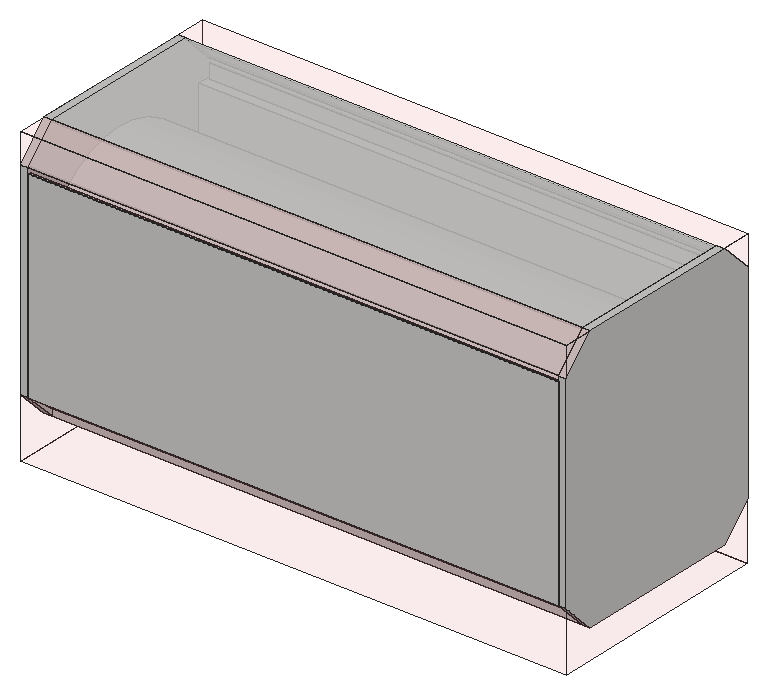
Revit family "Air-Curtain_Customer-Entry_PoweredAire_CED", category Mechanical Equipment, host Face, Revit 2016
Family settings
  Host = Face
  Part Type = Normal
  Round Connector Dimension = Use Diameter
  OmniClass Number = 23.75.35.17.21
  OmniClass Title = Air Curtains
  Cut with Voids When Loaded = No
  Shared = No
  Room Calculation Point = No
Parameters
  Warranty Duration (Years) = 0
  Unit Width Notes = "Other Widths available."  # constant formula
  Unit Width = 3' - 0"
  Unit Weight = 0
  Unit Height = 1' - 3"
  Unit Depth = 1' - 5 1/2"
  URL = "http://www.poweredaire.com/"
  Test Data = ""
  Temperature Rise_Range = "as Specified"
  Standards Conformance = "as Specified"
  Specification = "http://www.arcat.com/sdspecs/htm04/23_34_33pai.htm"
  SpecWizard = ""
  Sound Pressure = "as Specified"
  Sales Information = "http://www.poweredaire.com/contact_us"
  Revision = "R1_2016-08"
  Projection from Host [instance] = 0' - 2"
  Product Properties = ""
  Product Data = "http://www.arcat.com/arcatcos/cos47/arc47623.html"
  Power Rating = 0 W
  Outlet Volume_Range = "as Specified"
  Outlet Velocity_Range = "as Specified"
  Nozzle Width = if(1 = 1, Unit Width - 0' 1", 0' 0")  # 2' - 11"
  Mounting Width = if(1 = 1, Unit Width - 0' 0 15/16", 0' 0")  # 2' - 11 1/16"
  Mounting Height [instance] = 3' - 6"
  Motor RPM = 0
  Motor HP = 0
  Motor Count = 0
  Model = "As Specified"
  Max Height = 0' - 0"
  Manufacturer Website = "http://www.poweredaire.com/"
  Manufacturer Phone - Toll Free = "888-321-2473"
  Manufacturer Phone = "724-588-3305"
  Manufacturer Fax = "724-588-3371"
  Manufacturer Address = "109 Mortensen Rd.  Greenville, PA 16125"
  Manufacturer = "Powered Aire, Inc"
  Maintenance Schedule (Months) = 0
  Keynote = "23 34 33"
  Installation-Fabrication = ""
  Installation Phase = ""
  Include Clearance [instance] = yes
  Heating Element Load = 0 W
  HVAC_Temperature Rise [instance] = 0 °F
  HVAC_Outlet Volume [instance] = 0 CFM
  HVAC_Outlet Velocity Uniformity = 0
  HVAC_Outlet Velocity [instance] = 0 FPM
  Green Building-LEED = "http://www.arcat.com/green/clients/leed_data_47623.html"
  Front Grating Material [instance] = Metal - Steel - PoweredAire - Stainless 304 Perforated
  Frame Finish [instance] = Metal - Steel - PoweredAire - Stainless 304
  Expected Lifespan (Years) = 0
  Electrical_Wattage [instance] = Power Rating + Heating Element Load  # 0 W
  Electrical_Voltage [instance] = 0 V
  Electrical_Phase [instance] = 1
  Electrical_Frequency [instance] = 0 Hz
  Electrical_Amperage [instance] = 0 A
  Drawn By = "Sumex Design, Inc. / Robert S. Weygant, CSI, CDT, SCIP"
  Description = "Powered Aire Air Curtain as Specified"
  Default Elevation = 0' - 0"  # constant formula
  Copyright = "©Arcat Inc."
  Construction Details = "http://www.arcat.com/details/powair/prod3336.html"
  Clearance_Top [instance] = 0' - 0"
  Clearance_Side B [instance] = 0' - 0"
  Clearance_Side A [instance] = 0' - 0"
  Clearance_Intake [instance] = 0' - 0"
  Clearance_Bottom [instance] = 0' - 0"
  Clearance Material [instance] = ARCAT Clearance
  Building Codes = ""
  Available Options [instance] = "as Specified"
  Assembly Code = "D3090400"
Reference planes (in)
  plane 1 "Center (Elevation)": y = 0.13818
  plane 2: z = 0
  plane 3 "Center (Left/Right)": x = 0
  plane 4: y = 7.63818
  plane 5: y = -7.36182
  plane 6: x = -18
  plane 7: x = 18
  plane 8: z = 19.5
  plane 9 "FF": y = -41.86182
  plane 10: z = 2
  plane 11: x = 17.5
  plane 12: x = -17.5
  plane 13: y = 7.63818
  plane 14: y = -7.36182
  plane 15: x = -18
  plane 16: x = 18
  plane 17: z = 19.5
Forms (in)
  Extrusion 1, solid, material "Metal - Steel - PoweredAire - Stainless 304" <- "Frame Finish"
    sketch origin (0, 0, 0) x (0, 1, 0) y (0, 0, 1)
      loop
        line (5.69363, 2) -> (7.63818, 3.94454) -> (7.63818, 17.55546) -> (5.69363, 19.5) -> (-5.41728, 19.5) -> (-7.36182, 17.55546) -> (-7.36182, 3.94454) -> (-5.41728, 2) -> (5.69363, 2)
    from 17.5 to 18
  Extrusion 2, solid, material "Metal - Steel - PoweredAire - Stainless 304" <- "Frame Finish"
    sketch origin (0, 0, -0.5) x (0, 1, 0) y (0, 0, 1)
      loop
        circle (0.13818, 10.9739) r 6.25
      loop
        line (6.63818, 16.89427) -> (6.63818, 5.87829) -> (7.33849, 5.87829) -> (7.33849, 16.89427) -> (6.63818, 16.89427)
      loop
        line (-7.02798, 16.76927) -> (-7.02798, 5.75329) -> (-6.36182, 5.75329) -> (-6.36182, 16.76927) -> (-7.02798, 16.76927)
    from -17.5 to 17.5
  Extrusion 3, solid, material "Metal - Steel - PoweredAire - Stainless 304" <- "Frame Finish"
    sketch origin (0, 0, 0) x (0, 1, 0) y (0, 0, -1)
      loop
        line (5.69363, -2) -> (-5.41728, -2) -> (-7.36182, -3.94454) -> (-7.36182, -17.55546) -> (-5.41728, -19.5) -> (5.69363, -19.5) -> (7.63818, -17.55546) -> (7.63818, -3.94454) -> (5.69363, -2)
    from 17.5 to 18
  Extrusion 4, solid, material "Metal - Steel - PoweredAire - Stainless 304" <- "Frame Finish"
    sketch origin (0, 0, 0) x (0, 1, 0) y (0, 0, 1)
      loop
        line (-5.41728, 2) -> (5.69363, 2) -> (7.63818, 3.94454) -> (7.63818, 17.19454) -> (7.51318, 17.19454) -> (7.51318, 3.99632) -> (5.64186, 2.125) -> (-5.29228, 2.125) -> (-5.29228, 4.06954) -> (-7.23682, 4.06954) -> (-7.23682, 17.19454) -> (-7.36182, 17.19454) -> (-7.36182, 3.94454) -> (-5.41728, 3.94454) -> (-5.41728, 2)
      loop
        line (-6.64819, 3.61034) -> (-5.8702, 2.83235) -> (-5.74472, 2.95783) -> (-6.52271, 3.73583) -> (-6.64819, 3.61034)
    from -17.5 to 17.5
  Extrusion 5, solid, material "Metal - Steel - PoweredAire - Stainless 304 Perforated" <- "Front Grating Material"
    sketch origin (0, 0, 0) x (0, 1, 0) y (0, 0, 1)
      loop
        line (-7.36182, 17.19454) -> (-7.23682, 17.19454) -> (-7.23682, 17.50368) -> (-5.3655, 19.375) -> (5.64186, 19.375) -> (7.51318, 17.50368) -> (7.51318, 17.19454) -> (7.63818, 17.19454) -> (7.63818, 17.55546) -> (5.69363, 19.5) -> (-5.41728, 19.5) -> (-7.36182, 17.55546) -> (-7.36182, 17.19454)
    from -17.5 to 17.5
  Extrusion 6, solid, material "ARCAT Clearance" <- "Clearance Material", visible <- "Include Clearance"
    sketch origin (0, 0, 0) x (0, 1, 0) y (0, 0, 1)
      loop
        line (-7.36182, 19.5) -> (-7.36182, 0) -> (7.63818, 0) -> (7.63818, 19.5) -> (-7.36182, 19.5)
    from -18 to 18
Dimensions and locks (in)
  equal spacing: plane 4, plane 1 "Center (Elevation)", plane 5
  "Unit Height": plane 4 to plane 5
  equal spacing: plane 6, plane 3 "Center (Left/Right)", plane 7
  "Unit Width": plane 6 to plane 7
  "Mounting Height": plane 1 "Center (Elevation)" to plane 9 "FF"
  "Projection from Host": plane 10 to level
  "Unit Depth": plane 8 to plane 10
  locked: plane 6 to plane 12 at 0.5
  locked: plane 11 to plane 7 at 0.5
  "Clearance_Side A": plane 7 to plane 16
  "Clearance_Side B": plane 15 to plane 6
  "Clearance_Top": plane 13 to plane 4
  "Clearance_Bottom": plane 5 to plane 14
  "Clearance_Intake": plane 17 to plane 8
  aligned and locked: plane 2 to host face
  aligned and locked: level to host face
  aligned and locked: plane 7 to Extrusion 1
  aligned and locked: Extrusion 1 to plane 11
  aligned and locked: plane 12 to Extrusion 3
  aligned and locked: Extrusion 3 to plane 6
  aligned and locked: Extrusion 2 to plane 12
  aligned and locked: plane 11 to Extrusion 2
  aligned and locked: plane 11 to Extrusion 4
  aligned and locked: Extrusion 4 to plane 12
  aligned and locked: plane 11 to Extrusion 5
  aligned and locked: Extrusion 5 to plane 12
  aligned and locked: Extrusion 6 sketch curve to plane 17
  aligned and locked: plane 14 to Extrusion 6 sketch curve
  aligned and locked: level to Extrusion 6 sketch curve
  aligned and locked: Extrusion 6 sketch curve to plane 13
  aligned and locked: plane 16 to Extrusion 6
  aligned and locked: Extrusion 6 to plane 15
Automatic sketch dimensions
  host sketch curve to host sketch curve = 8' - 0"  (x2)
  Extrusion 1 sketch curve to plane 5 = 0' - 0"
  Extrusion 1 sketch curve to plane 8 = 0' - 0"
  Extrusion 1 sketch curve to plane 10 = 0' - 0"
  Extrusion 1 sketch curve to plane 4 = 0' - 0"
  plane 5 to Extrusion 1 sketch curve = 0' - 1.94454"  (x2)
  Extrusion 1 sketch curve to plane 4 = 0' - 1.94454"  (x2)
  plane 10 to Extrusion 1 sketch curve = 0' - 1.94454"  (x2)
  Extrusion 1 sketch curve to plane 8 = 0' - 1.94454"  (x2)
  Extrusion 2 sketch curve to plane 1 "Center (Elevation)" = 0' - 0"
  plane 5 to Extrusion 2 sketch curve = 0' - 1"
  plane 5 to Extrusion 2 sketch curve = 0' - 0.33384"
  Extrusion 2 sketch curve to plane 4 = 0' - 1"
  Extrusion 2 sketch curve to plane 4 = 0' - 0.29969"
  plane 10 to Extrusion 2 sketch curve = 0' - 3.37829"
  plane 10 to Extrusion 2 sketch curve = 0' - 3.25329"
  Extrusion 2 sketch curve to plane 8 = 0' - 9.0261"
  Extrusion 2 sketch curve to plane 8 = 0' - 3.23073"
  Extrusion 2 sketch curve to plane 8 = 0' - 3.10573"
  Extrusion 3 sketch curve to plane 5 = 0' - 0"
  Extrusion 3 sketch curve to plane 8 = 0' - 0"
  Extrusion 3 sketch curve to plane 10 = 0' - 0"
  Extrusion 3 sketch curve to plane 4 = 0' - 0"
  plane 5 to Extrusion 3 sketch curve = 0' - 1.94454"  (x2)
  Extrusion 3 sketch curve to plane 4 = 0' - 1.94454"  (x2)
  Extrusion 3 sketch curve to plane 8 = 0' - 1.94454"  (x2)
  plane 10 to Extrusion 3 sketch curve = 0' - 1.94454"  (x2)
  Extrusion 4 sketch curve to plane 5 = 0' - 0"
  Extrusion 4 sketch curve to plane 10 = 0' - 0"
  Extrusion 4 sketch curve to plane 4 = 0' - 0"
  plane 5 to Extrusion 4 sketch curve = 0' - 0 1/8"
  plane 5 to Extrusion 4 sketch curve = 0' - 0.71363"
  Extrusion 4 sketch curve to Extrusion 4 sketch curve = 0' - 0.12548"  (x2)
  Extrusion 4 sketch curve to Extrusion 4 sketch curve = 0' - 0.778"
  Extrusion 4 sketch curve to Extrusion 4 sketch curve = 0' - 0.32744"
  Extrusion 4 sketch curve to Extrusion 4 sketch curve = 0' - 0 1/8"  (x2)
  plane 10 to Extrusion 4 sketch curve = 0' - 0 1/8"
  Extrusion 4 sketch curve to plane 4 = 0' - 1.99632"
  Extrusion 4 sketch curve to Extrusion 4 sketch curve = 0' - 0.05178"  (x2)
  plane 10 to Extrusion 4 sketch curve = 0' - 0.83235"
  plane 10 to Extrusion 4 sketch curve = 0' - 1.94454"
  Extrusion 4 sketch curve to Extrusion 4 sketch curve = 0' - 0.3342"
  Extrusion 4 sketch curve to plane 4 = 0' - 0 1/8"
  Extrusion 4 sketch curve to plane 8 = 0' - 2.30546"  (x2)
  Extrusion 5 sketch curve to plane 5 = 0' - 0"
  Extrusion 5 sketch curve to plane 8 = 0' - 0"
  Extrusion 5 sketch curve to plane 4 = 0' - 0"
  plane 5 to Extrusion 5 sketch curve = 0' - 0 1/8"
  plane 5 to Extrusion 5 sketch curve = 0' - 1.94454"
  Extrusion 5 sketch curve to plane 8 = 0' - 0 1/8"
  Extrusion 5 sketch curve to Extrusion 5 sketch curve = 0' - 0.05178"  (x4)
  Extrusion 5 sketch curve to plane 4 = 0' - 1.99632"
  Extrusion 5 sketch curve to plane 8 = 0' - 1.94454"  (x2)
  Extrusion 5 sketch curve to Extrusion 5 sketch curve = 0' - 0 1/8"
  Extrusion 5 sketch curve to Extrusion 5 sketch curve = 0' - 0.30914"  (x2)
  radius of Extrusion 2 sketch curve = 0' - 6 1/4"
Connectors (in)
  electrical at (0, 7.63818, 10.56954), driven by "Electrical_Phase", driven by "Electrical_Voltage"
    settings: on Extrusion 4, index 1, voltage 0 V, apparent load 0 VA, apparent load phase1 0 VA, apparent load phase2 0 VA, apparent load phase3 0 VA, power factor 1, load classification "Motor", number of poles 1, system type 31, power factor state 1, is connector primary yes, connector utility no, sub classification motor no, connector description ""
